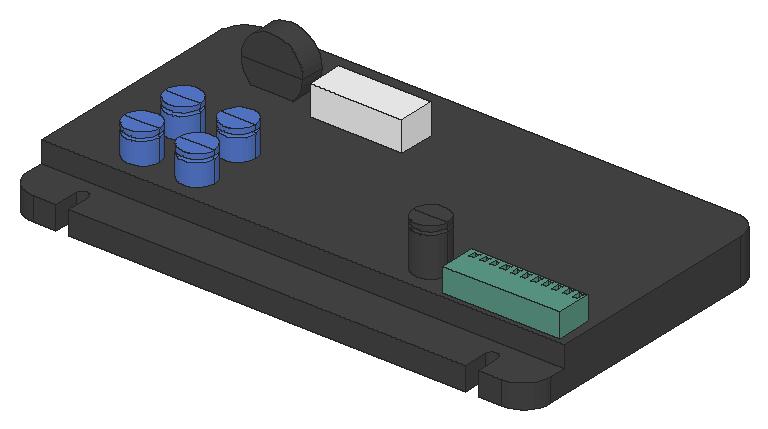
Revit family "WIR-RMI", category Communication Devices, host Face, Revit 2021
Family settings
  Host = Face
  Maintain Annotation Orientation = No
  Round Connector Dimension = Use Diameter
  Part Type = Normal
  OmniClass Number = 23.85.80.11.27
  OmniClass Title = Lighting Controls
  Cut with Voids When Loaded = No
  Shared = Yes
  Room Calculation Point = No
Parameters
  Width = 2.65"
  Warranty = "5-Years Warranty"  # constant formula
  Type Comments = "wiSCAPE® Internal Fixture Module"  # constant formula
  URL = "https://www.currentlighting.com/nxlightingcontrols"
  Product Page URL = ""
  Product Documentation URL = ""
  Model = "WIR-RMI"  # constant formula
  Manufacturer = " NX Lighting Controls"  # constant formula
  Length = 4.75"
  Green = Paint - Green
  Features = "3 Digital inputs / 1 analog input for low-voltage switch, motion\r\nand photo sensors\r\n• Universal dimmer 1-10V (sink/source) for all types of ballasts & drivers\r\n• 2 Dry contact outputs for driving external contactors\r\n• Bidirectional long range wireless RF Mesh communications\r\n• Integration with wiSCAPE software\r\n• Multi-level grouping and multiple scenarios\r\n• Adjustable minimum and maximum dimming levels\r\n• Programmable state after blackout, with peak shaving options\r\n• Commercial-grade metering\r\n• Smart daylight harvesting and motion sensing functions, with occupied\r\nand unoccupied levels including a lamp saver function\r\n• Manual-ON/Auto-OFF, Auto-ON/Auto-OFF and grace period compliant\r\n(complies with N.Y. LL48 and many other energy requirements\r\nand incentives)"  # constant formula
  Certification = "UL: E485483\r\n2.4GHz Version - FCC: U.S. FCC Part 15.247 Class A: OUR-XBEE / OUR-XBEE PRO, Canada IC: 4214A-XBEE /\r\n4214A-XBEE PRO, Europe CE: ETSI / ETSI\r\n900MHz Version - FCC: U.S. FCC Part 15.247 Class A: MCQ-XB900HP\r\nUL94V-0 Flame retardant ABS or epoxy molding"  # constant formula
  Blue Element = Metal-Aluminum Anodized Blue
  Black Element = Metal-Nickel
  Description = "The wiSCAPE® Wireless Internal Fixture Module is a bidirectional wireless RF device that allows an individual fixture to be managed, monitored and metered. The wiSCAPE Module can switch loads of up to 7 Amps @ 120V to 347V or 2 Amps @ 480V. Universal input voltage allows the module to function on 120-480V circuits at 50/60 Hz. The Fixture Module works with all fixture types including: LED, Induction, MH-HPS-LPS, Incandescent, Halogen andPlasma. The adaptable sink and source 0-10V output is compatible with all dimming drivers. Digital and analog inputs and outputs make sending and receiving signals from additional control devices simple and easy."  # constant formula
  Default Elevation = 48.00"
  Copyright = "Copyright ©  NX Lighting Controls"  # constant formula
  Contact Us = ""
  Housing Material = Paint -  Matte White
  Assembly Code = "D5090"
Reference planes (in)
  plane 1 "Center (Front/Back)": y = 11.68155
  plane 2: z = 0
  plane 3 "Center (Left/Right)": x = 0
  plane 4: z = 0.88
  plane 5: y = 13.00655
  plane 6: y = 10.35655
  plane 7: x = -2.375
  plane 8: x = 2.375
Forms (in)
  Extrusion 1, solid, material "Metal-Nickel" <- "Black Element"
    sketch origin (-0.03125, 23.42068, 0) x (-1, 0, 0) y (0, -1, 0)
      loop
        line (-2.125, 10.35655) -> (2.125, 10.35655)
        arc (2.125, 10.35655) -> (2.30178, 10.42978) -> (2.375, 10.60655) r 0.25
        line (2.375, 10.60655) -> (2.375, 12.75655)
        arc (2.375, 12.75655) -> (2.30178, 12.93333) -> (2.125, 13.00655) r 0.25
        line (2.125, 13.00655) -> (1.91791, 13.00655) -> (1.91791, 12.78838)
        arc (1.91791, 12.78838) -> (1.85918, 12.72965) -> (1.80044, 12.78838) r 0.05873
        line (1.80044, 12.78838) -> (1.80044, 13.00655) -> (-1.80044, 13.00655) -> (-1.80044, 12.78838)
        arc (-1.80044, 12.78838) -> (-1.85918, 12.72965) -> (-1.91791, 12.78838) r 0.05873
        line (-1.91791, 12.78838) -> (-1.91791, 13.00655) -> (-2.125, 13.00655)
        arc (-2.125, 13.00655) -> (-2.30178, 12.93333) -> (-2.375, 12.75655) r 0.25
        line (-2.375, 12.75655) -> (-2.375, 10.60655)
        arc (-2.375, 10.60655) -> (-2.30178, 10.42978) -> (-2.125, 10.35655) r 0.25
    from 0.40794 to 0
  Extrusion 2, void
    sketch origin (-0.03125, 23.42068, 0) x (-1, 0, 0) y (0, -1, 0)
      loop
        line (-2.46875, 13.06413) -> (-2.46875, 12.60163) -> (2.4375, 12.60163) -> (2.4375, 13.06413) -> (-2.46875, 13.06413)
    from 0.49785 to 0.21327
  Extrusion 3, solid, material "Paint - Green" <- "Green"
    sketch origin (0, 0, 0) x (1, 0, 0) y (0, 1, 0)
      loop
        line (2.25877, 10.86408) -> (2.25877, 11.18705) -> (1.20383, 11.18705) -> (1.20383, 10.86408) -> (2.25877, 10.86408)
    from 0.62057 to 0.40794
  Revolve 4, solid, material "Metal-Nickel" <- "Black Element"
    sketch origin (-0.03125, 11.0878, 0) x (1, 0, 0) y (0, 0, 1)
      loop
        line (0.94195, 0.40794) -> (1.09794, 0.40794) -> (1.09794, 0.76137)
        arc (1.09794, 0.76137) -> (1.08236, 0.77695) -> (1.09794, 0.79253) r 0.01558
        line (1.09794, 0.79253) -> (1.09794, 0.83685) -> (0.94195, 0.83685) -> (0.94195, 0.40794)
      axis (0.94195, 0.83685) -> (0.94195, 0.40794)
    angle from 0 to 360
  Revolve 5, solid, material "Metal-Aluminum Anodized Blue" <- "Blue Element"
    sketch origin (-2.14973, 11.0878, 0) x (1, 0, 0) y (0, 0, 1)
      loop
        line (0.94195, 0.40794) -> (1.09794, 0.40794) -> (1.09794, 0.60512)
        arc (1.09794, 0.60512) -> (1.08236, 0.6207) -> (1.09794, 0.63628) r 0.01558
        line (1.09794, 0.63628) -> (1.09794, 0.6806) -> (0.94195, 0.6806) -> (0.94195, 0.40794)
      axis (0.94195, 0.6806) -> (0.94195, 0.40794)
    angle from 0 to 360
  Revolve 6, solid, material "Metal-Aluminum Anodized Blue" <- "Blue Element"
    sketch origin (-2.64973, 11.0878, 0) x (1, 0, 0) y (0, 0, 1)
      loop
        line (0.94195, 0.40794) -> (1.09794, 0.40794) -> (1.09794, 0.60512)
        arc (1.09794, 0.60512) -> (1.08236, 0.6207) -> (1.09794, 0.63628) r 0.01558
        line (1.09794, 0.63628) -> (1.09794, 0.6806) -> (0.94195, 0.6806) -> (0.94195, 0.40794)
      axis (0.94195, 0.6806) -> (0.94195, 0.40794)
    angle from 0 to 360
  Revolve 7, solid, material "Metal-Aluminum Anodized Blue" <- "Blue Element"
    sketch origin (-2.14973, 11.55334, 0) x (1, 0, 0) y (0, 0, 1)
      loop
        line (0.94195, 0.40794) -> (1.09794, 0.40794) -> (1.09794, 0.60512)
        arc (1.09794, 0.60512) -> (1.08236, 0.6207) -> (1.09794, 0.63628) r 0.01558
        line (1.09794, 0.63628) -> (1.09794, 0.6806) -> (0.94195, 0.6806) -> (0.94195, 0.40794)
      axis (0.94195, 0.6806) -> (0.94195, 0.40794)
    angle from 0 to 360
  Revolve 8, solid, material "Metal-Aluminum Anodized Blue" <- "Blue Element"
    sketch origin (-2.64973, 11.55334, 0) x (1, 0, 0) y (0, 0, 1)
      loop
        line (0.94195, 0.40794) -> (1.09794, 0.40794) -> (1.09794, 0.60512)
        arc (1.09794, 0.60512) -> (1.08236, 0.6207) -> (1.09794, 0.63628) r 0.01558
        line (1.09794, 0.63628) -> (1.09794, 0.6806) -> (0.94195, 0.6806) -> (0.94195, 0.40794)
      axis (0.94195, 0.6806) -> (0.94195, 0.40794)
    angle from 0 to 360
  Revolve 9, solid, material "Metal-Nickel" <- "Black Element"
    sketch origin (-2.1736, 13.98014, 0.6087) x (1, 0, 0) y (0, 1, 0)
      loop
        line (0.62196, -1.39775) -> (0.62196, -1.61177) -> (0.90074, -1.61177) -> (0.90074, -1.39775) -> (0.62196, -1.39775)
      axis (0.62196, -1.39775) -> (0.62196, -1.61177)
    angle from 0 to 360
  Extrusion 10, solid, material "Paint -  Matte White" <- "Housing Material"
    sketch origin (0, 0, 0) x (1, 0, 0) y (0, 1, 0)
      loop
        line (-1.12216, 12.58777) -> (-1.12216, 12.26356) -> (-0.28848, 12.26356) -> (-0.28848, 12.58777) -> (-1.12216, 12.58777)
    from 0.6806 to 0.40794
  Extrusion 11, void
    sketch origin (0, 0, 0) x (1, 0, 0) y (0, 1, 0)
      loop
        line (1.25103, 11.16738) -> (1.25103, 11.09863) -> (1.29784, 11.09863) -> (1.29784, 11.16738) -> (1.25103, 11.16738)
      loop
        line (1.34504, 11.16738) -> (1.34504, 11.09863) -> (1.39186, 11.09863) -> (1.39186, 11.16738) -> (1.34504, 11.16738)
      loop
        line (1.43906, 11.16738) -> (1.43906, 11.09863) -> (1.48587, 11.09863) -> (1.48587, 11.16738) -> (1.43906, 11.16738)
      loop
        line (1.53307, 11.16738) -> (1.53307, 11.09863) -> (1.57988, 11.09863) -> (1.57988, 11.16738) -> (1.53307, 11.16738)
      loop
        line (1.62708, 11.16738) -> (1.62708, 11.09863) -> (1.6739, 11.09863) -> (1.6739, 11.16738) -> (1.62708, 11.16738)
      loop
        line (1.7211, 11.16738) -> (1.7211, 11.09863) -> (1.76791, 11.09863) -> (1.76791, 11.16738) -> (1.7211, 11.16738)
      loop
        line (1.81511, 11.16738) -> (1.81511, 11.09863) -> (1.86192, 11.09863) -> (1.86192, 11.16738) -> (1.81511, 11.16738)
      loop
        line (1.90913, 11.16738) -> (1.90913, 11.09863) -> (1.95594, 11.09863) -> (1.95594, 11.16738) -> (1.90913, 11.16738)
      loop
        line (2.00314, 11.16738) -> (2.00314, 11.09863) -> (2.04995, 11.09863) -> (2.04995, 11.16738) -> (2.00314, 11.16738)
      loop
        line (2.09715, 11.16738) -> (2.09715, 11.09863) -> (2.14396, 11.09863) -> (2.14396, 11.16738) -> (2.09715, 11.16738)
      loop
        line (2.19117, 11.16738) -> (2.19117, 11.09863) -> (2.23798, 11.09863) -> (2.23798, 11.16738) -> (2.19117, 11.16738)
    from 0.62057 to 0.54333
Cuts and joins
  Extrusion 2, Extrusion 11 cuts Extrusion 1
  Extrusion 11 cuts Extrusion 3
Dimensions and locks (in)
  plane 4 to plane 2 = 0.88"
  equal spacing: plane 7, plane 3 "Center (Left/Right)", plane 8
  "Length": plane 7 to plane 8
  equal spacing: plane 6, plane 1 "Center (Front/Back)", plane 5
  "Width": plane 6 to plane 5
  aligned and locked: plane 2 to host face
  aligned and locked: level to host face
Automatic sketch dimensions
  host sketch curve to host sketch curve = 96.00"  (x2)
  Extrusion 1 sketch curve to plane 8 = 0.03125"
  Extrusion 1 sketch curve to plane 6 = 0.05757"  (x2)
  Extrusion 1 sketch curve to plane 8 = 0.28125"
  plane 5 to Extrusion 1 sketch curve = 0.19243"
  Extrusion 1 sketch curve to Extrusion 1 sketch curve = 0.25"
  Extrusion 1 sketch curve to Extrusion 1 sketch curve = 0.20709"  (x2)
  Extrusion 1 sketch curve to Extrusion 1 sketch curve = 0.05873"  (x2)
  plane 7 to Extrusion 1 sketch curve = 0.54331"
  plane 7 to Extrusion 1 sketch curve = 0.21875"
  Extrusion 1 sketch curve to plane 7 = 0.03125"
  Extrusion 1 sketch curve to plane 6 = 0.30757"
  Extrusion 1 sketch curve to Extrusion 1 sketch curve = 0.21817"  (x2)
  plane 6 to Extrusion 2 sketch curve = 0.00"
  plane 8 to Extrusion 2 sketch curve = 0.0625"
  Extrusion 2 sketch curve to plane 7 = 0.09375"
  Extrusion 2 sketch curve to plane 6 = 0.4625"
  Extrusion 3 sketch curve to plane 6 = 0.50752"
  Extrusion 3 sketch curve to plane 8 = 1.17117"
  Extrusion 3 sketch curve to plane 8 = 0.11623"
  Extrusion 3 sketch curve to Extrusion 3 sketch curve = 0.32297"
  level to Revolve 4 sketch curve = 0.40794"
  plane 3 "Center (Left/Right)" to Revolve 4 sketch curve = 0.9107"  (x2)
  plane 4 to Revolve 4 sketch curve = 0.04315"
  Revolve 4 sketch curve to Revolve 4 sketch curve = 0.15599"
  Revolve 4 sketch curve to Revolve 4 sketch curve = 0.07548"
  Revolve 4 sketch curve to Revolve 4 sketch curve = 0.01558"
  Revolve 4 sketch curve to level = 0.51283"
  Revolve 4 sketch curve to plane 4 = 0.70431"
  level to Revolve 5 sketch curve = 0.40794"
  plane 7 to Revolve 5 sketch curve = 1.16722"
  Revolve 5 sketch curve to Revolve 5 sketch curve = 0.15599"
  Revolve 5 sketch curve to Revolve 5 sketch curve = 0.19718"
  Revolve 5 sketch curve to Revolve 5 sketch curve = 0.01558"
  Revolve 5 sketch curve to Revolve 5 sketch curve = 0.04432"
  Revolve 5 sketch curve to Revolve 5 sketch curve = 0.00"
  Revolve 5 sketch curve to level = 0.51283"
  Revolve 5 sketch curve to plane 4 = 0.70431"
  plane 7 to Revolve 6 sketch curve = 0.66722"  (x2)
  Revolve 6 sketch curve to Revolve 6 sketch curve = 0.15599"
  level to Revolve 6 sketch curve = 0.40794"
  Revolve 6 sketch curve to Revolve 6 sketch curve = 0.19718"
  Revolve 6 sketch curve to Revolve 6 sketch curve = 0.01558"
  Revolve 6 sketch curve to Revolve 6 sketch curve = 0.04432"
  Revolve 6 sketch curve to level = 0.51283"
  Revolve 6 sketch curve to plane 4 = 0.70431"
  level to Revolve 7 sketch curve = 0.40794"
  plane 7 to Revolve 7 sketch curve = 1.16722"
  Revolve 7 sketch curve to Revolve 7 sketch curve = 0.15599"
  Revolve 7 sketch curve to Revolve 7 sketch curve = 0.19718"
  Revolve 7 sketch curve to Revolve 7 sketch curve = 0.01558"
  Revolve 7 sketch curve to Revolve 7 sketch curve = 0.04432"
  Revolve 7 sketch curve to Revolve 7 sketch curve = 0.00"
  Revolve 7 sketch curve to level = 0.51283"
  Revolve 7 sketch curve to plane 4 = 0.70431"
  plane 7 to Revolve 8 sketch curve = 0.66722"  (x2)
  Revolve 8 sketch curve to Revolve 8 sketch curve = 0.15599"
  level to Revolve 8 sketch curve = 0.40794"
  Revolve 8 sketch curve to Revolve 8 sketch curve = 0.19718"
  Revolve 8 sketch curve to Revolve 8 sketch curve = 0.01558"
  Revolve 8 sketch curve to Revolve 8 sketch curve = 0.04432"
  Revolve 8 sketch curve to level = 0.51283"
  Revolve 8 sketch curve to plane 4 = 0.70431"
  plane 7 to Revolve 9 sketch curve = 0.82336"
  Revolve 9 sketch curve to Revolve 9 sketch curve = 0.27877"
  Revolve 9 sketch curve to plane 1 "Center (Front/Back)" = 0.68681"
  Revolve 9 sketch curve to Revolve 9 sketch curve = 0.21402"
  Revolve 9 sketch curve to Revolve 9 sketch curve = 0.00"  (x2)
  Revolve 9 sketch curve to plane 5 = 0.1765"
  Extrusion 10 sketch curve to plane 3 "Center (Left/Right)" = 1.12216"
  Extrusion 10 sketch curve to plane 3 "Center (Left/Right)" = 0.28848"
  Extrusion 10 sketch curve to plane 1 "Center (Front/Back)" = 0.58201"
  Extrusion 10 sketch curve to Extrusion 10 sketch curve = 0.32421"
  Extrusion 11 sketch curve to plane 8 = 1.12397"
  Extrusion 11 sketch curve to Extrusion 11 sketch curve = 0.04681"  (x11)
  Extrusion 11 sketch curve to Extrusion 11 sketch curve = 0.0472"  (x10)
  plane 1 "Center (Front/Back)" to Extrusion 11 sketch curve = 0.58293"
  Extrusion 11 sketch curve to Extrusion 11 sketch curve = 0.00"  (x20)
  Extrusion 11 sketch curve to Extrusion 11 sketch curve = 0.06875"
Connectors (in)
  electrical at (-0.03125, 11.13117, 0)
    settings: on cut or joined group of Extrusion 1, Extrusion 2, Extrusion 11, index 1, voltage 0 V, apparent load 0 VA, apparent load phase1 0 VA, apparent load phase2 0 VA, apparent load phase3 0 VA, power factor 1, load classification "Other", number of poles 1, system type 13, power factor state 1, is connector primary yes, connector utility no, sub classification motor no, connector description "Wireless Internal Fixture Module"
